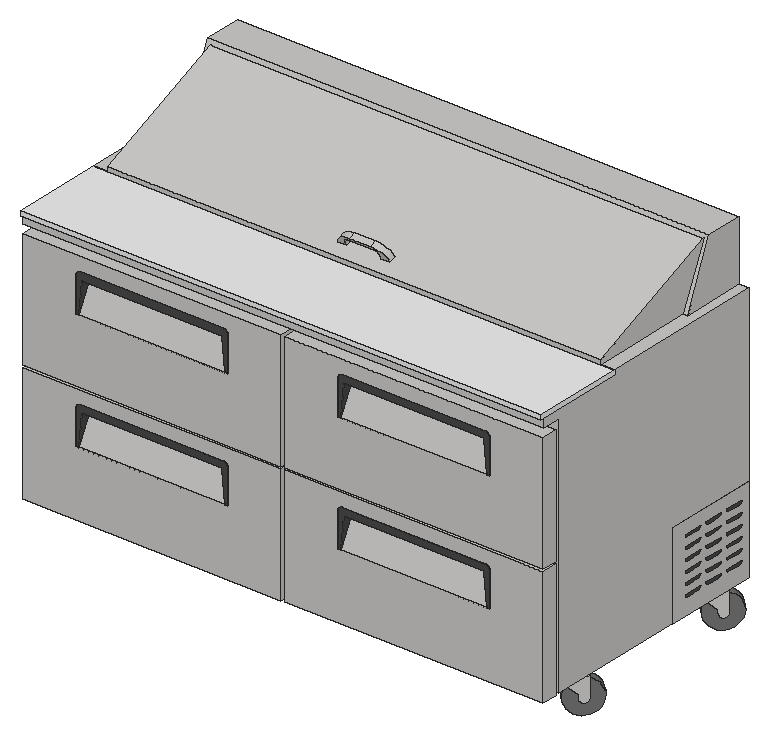
Revit family "QF_Turbo Air_TST-60SD-D44b944c17-fc71-49ea-8045-22964f5c5111", category Specialty Equipment, Revit 2012
Parameters
  Weight in Pounds = 343
  Watermarked By = "http://revitwatermark.com"
  Volts = 115 V
  URL Cutsheet = ""
  URL = "www.turboairinc.com"
  Status [instance] = ""
  Specification by User [instance] = ""
  Specification by Manufacturer [instance] = ""
  Serial Number [instance] = ""
  Revision Code [instance] = ""
  Phase = 1
  Number of Poles [instance] = 1
  NAFEM Spec ID Number [instance] = ""
  Model = "TST-60SD-D4"
  Masterspec [instance] = ""
  Manufacturer = "Turbo Air"  # constant formula
  Legs [instance] = [6 inch Legs]  # no
  Item Number [instance] = "-"
  Installed By [instance] = ""
  HP = "1/2"
  Furnished By [instance] = ""
  Foodservice Equipment Identifier = yes
  FL Amps = 8.9 A
  Electrical Remarks [instance] = ""
  Electric Connection Type [instance] = ""
  Elec Conn RI Height [instance] = 0' - 0"
  Elec Conn Connection Height = 1' - 0"
  Description = "Sandwich/Salad Unit"
  Cycle = 60 Hz
  Conn Plug = "NEMA 5-15P"
  Casters [instance] = not(Legs)  # yes
  CasterLeg Height [instance] = if([4 inch Casters], 0' 5", if([5 inch Casters], 0' 5 3/4", if([2_5 inch Casters], 0' 3 3/8", 0' 6")))  # 0' - 5"
  CSI MasterFormat = "11 41 13"
  Assembly Code = "E1090320"
  Apparent Power = if(Phase = 3, Volts * FL Amps * 1.73, Volts * FL Amps)  # 1023.5 VA
  6 inch Legs [instance] = no
  5 inch Casters [instance] = no
  4 inch Casters [instance] = yes
  2_5 inch Casters [instance] = no
Reference planes (in)
  plane 1 "BACK": y = 0
  plane 2: z = 0
  plane 3 "LEFT": x = -20.78844
  plane 4 "Bottom": z = 5
  plane 5 "Back Stops": y = 1
  plane 6 "RIGHT": x = 39.46156
  plane 7 "Front of Lid": y = -19.375
  plane 8 "FRONT": y = -30
  plane 9 "Back of Door": y = -27.875
  plane 10 "Front of Box": y = -27.375
  plane 11 "Counter Top": z = 35
  plane 12 "TOP": z = 42
  plane 13 "Top of Door": z = 32.5
  plane 14 "Bottom of Cutting Board": z = 34.5
  plane 15 "Handle LR": x = 9.33656
  plane 16 "Lid Clearance": z = 45.5
  plane 17 "Left Lid Cover": x = -19.66344
  plane 18 "Right of Lid Cover": x = 38.33656
  plane 19 "Left of Lid": x = -19.16344
  plane 20 "Right of Lid": x = 37.83656
  plane 21 "Left of Right Door": x = 9.52406
  plane 22 "Right of Left Door": x = 9.14906
  plane 23: y = -42.75
Forms (in)
  Extrusion 1, solid, material "QF_Finishes_Stainless Steel"
    sketch origin (-20.78844, 0, 0) x (0, 1, 0) y (0, 0, 1)
      loop
        line (0, 5) -> (0, 35) -> (-19.375, 35) -> (-19.375, 34.5) -> (-29.625, 34.5) -> (-29.625, 33.5) -> (-27.375, 33.5) -> (-27.375, 5) -> (0, 5)
    from 0 to 60.25
  Extrusion 2, solid, material "QF_Finishes_Black"
    sketch origin (0, -27.375, 0) x (1, 0, 0) y (0, 0, 1)
      loop
        line (-19.78844, 31.5) -> (-19.78844, 6) -> (8.14906, 6) -> (8.14906, 31.5) -> (-19.78844, 31.5)
      loop
        line (38.46156, 6) -> (38.46156, 31.5) -> (10.52406, 31.5) -> (10.52406, 6) -> (38.46156, 6)
    from 0 to 0.5
  Extrusion 3, solid, material "QF_Finishes_Stainless Steel"
    sketch origin (-19.66344, 0, 0) x (0, 1, 0) y (0, 0, 1)
      loop
        line (0, 35) -> (0, 42) -> (-4.25, 42) -> (-7.375, 35) -> (0, 35)
    from 0 to 58
  Extrusion 4, solid, material "QF_Finishes_White"
    sketch origin (0, 0, 34.5) x (0, 1, 0) y (-1, 0, 0)
      loop
        line (-19.375, 20.78844) -> (-30, 20.78844) -> (-30, -39.46156) -> (-19.375, -39.46156) -> (-19.375, 20.78844)
    from 0 to 0.5
  Extrusion 5, solid, material "QF_Finishes_Stainless Steel"
    sketch origin (-19.16344, 0, 0) x (0, 1, 0) y (0, 0, 1)
      loop
        line (-19.375, 35) -> (-7.375, 35) -> (-4.45383, 41.54343) -> (-19.375, 35.5) -> (-19.375, 35)
    from 0 to 57
  Extrusion 6, solid, material "QF_Finishes_Stainless Steel"
    sketch origin (-8.25, -2.56728, -1.00345) x (1, 0, 0) y (0, -0.375401, 0.926862)
      loop
        line (19.58656, 40.14331) -> (20.58656, 40.14331)
        arc (20.58656, 40.14331) -> (19.91185, 41.04872) -> (18.83656, 41.39331) r 1.85
        line (18.83656, 41.39331) -> (16.33656, 41.39331)
        arc (16.33656, 41.39331) -> (15.26127, 41.04872) -> (14.58656, 40.14331) r 1.85
        line (14.58656, 40.14331) -> (15.58656, 40.14331) -> (15.58656, 40.64331)
        arc (15.58656, 40.64331) -> (15.73301, 40.99687) -> (16.08656, 41.14331) r 0.5
        line (16.08656, 41.14331) -> (19.08656, 41.14331)
        arc (19.08656, 41.14331) -> (19.44011, 40.99687) -> (19.58656, 40.64331) r 0.5
        line (19.58656, 40.64331) -> (19.58656, 40.14331)
    from -0.375 to 0.375
  Extrusion 7, solid, material "QF_Finishes_Clearances", detail levels coarse
    sketch origin (-19.16344, 0, 0) x (0, 1, 0) y (0, 0, 1)
      loop
        arc (-9.375, 45.5) -> (-16.44607, 42.57107) -> (-19.375, 35.5) r 10
        line (-19.375, 35.5) -> (-4.45383, 41.54343) -> (-8.87792, 45.446) -> (-9.375, 45.5)
    from 0 to 57
  Extrusion 8, void
    sketch origin (39.46156, 0, 0) x (0, 1, 0) y (0, 0, 1)
      loop
        line (0, 5) -> (0, 15) -> (-11, 15) -> (-11, 5) -> (0, 5)
    from 0 to -1
  Extrusion 9, solid, material "QF_Finishes_Stainless Steel"
    sketch origin (39.46156, 0, 0) x (0, 1, 0) y (0, 0, 1)
      loop
        line (-10.875, 14.875) -> (-10.875, 5) -> (0, 5) -> (0, 14.875) -> (-10.875, 14.875)
      loop
        arc (-9.25, 13.5) -> (-9.10355, 13.14645) -> (-8.75, 13) r 0.5
        line (-8.75, 13) -> (-7.25, 13)
        arc (-7.25, 13) -> (-6.89645, 13.14645) -> (-6.75, 13.5) r 0.5
        line (-6.75, 13.5) -> (-9.25, 13.5)
      loop
        arc (-6.25, 13.5) -> (-6.10355, 13.14645) -> (-5.75, 13) r 0.5
        line (-5.75, 13) -> (-4.25, 13)
        arc (-4.25, 13) -> (-3.89645, 13.14645) -> (-3.75, 13.5) r 0.5
        line (-3.75, 13.5) -> (-6.25, 13.5)
      loop
        arc (-3.25, 13.5) -> (-3.10355, 13.14645) -> (-2.75, 13) r 0.5
        line (-2.75, 13) -> (-1.25, 13)
        arc (-1.25, 13) -> (-0.89645, 13.14645) -> (-0.75, 13.5) r 0.5
        line (-0.75, 13.5) -> (-3.25, 13.5)
      loop
        arc (-9.25, 12.25) -> (-9.10355, 11.89645) -> (-8.75, 11.75) r 0.5
        line (-8.75, 11.75) -> (-7.25, 11.75)
        arc (-7.25, 11.75) -> (-6.89645, 11.89645) -> (-6.75, 12.25) r 0.5
        line (-6.75, 12.25) -> (-9.25, 12.25)
      loop
        arc (-6.25, 12.25) -> (-6.10355, 11.89645) -> (-5.75, 11.75) r 0.5
        line (-5.75, 11.75) -> (-4.25, 11.75)
        arc (-4.25, 11.75) -> (-3.89645, 11.89645) -> (-3.75, 12.25) r 0.5
        line (-3.75, 12.25) -> (-6.25, 12.25)
      loop
        arc (-3.25, 12.25) -> (-3.10355, 11.89645) -> (-2.75, 11.75) r 0.5
        line (-2.75, 11.75) -> (-1.25, 11.75)
        arc (-1.25, 11.75) -> (-0.89645, 11.89645) -> (-0.75, 12.25) r 0.5
        line (-0.75, 12.25) -> (-3.25, 12.25)
      loop
        arc (-9.25, 11) -> (-9.10355, 10.64645) -> (-8.75, 10.5) r 0.5
        line (-8.75, 10.5) -> (-7.25, 10.5)
        arc (-7.25, 10.5) -> (-6.89645, 10.64645) -> (-6.75, 11) r 0.5
        line (-6.75, 11) -> (-9.25, 11)
      loop
        arc (-6.25, 11) -> (-6.10355, 10.64645) -> (-5.75, 10.5) r 0.5
        line (-5.75, 10.5) -> (-4.25, 10.5)
        arc (-4.25, 10.5) -> (-3.89645, 10.64645) -> (-3.75, 11) r 0.5
        line (-3.75, 11) -> (-6.25, 11)
      loop
        arc (-3.25, 11) -> (-3.10355, 10.64645) -> (-2.75, 10.5) r 0.5
        line (-2.75, 10.5) -> (-1.25, 10.5)
        arc (-1.25, 10.5) -> (-0.89645, 10.64645) -> (-0.75, 11) r 0.5
        line (-0.75, 11) -> (-3.25, 11)
      loop
        arc (-9.25, 9.75) -> (-9.10355, 9.39645) -> (-8.75, 9.25) r 0.5
        line (-8.75, 9.25) -> (-7.25, 9.25)
        arc (-7.25, 9.25) -> (-6.89645, 9.39645) -> (-6.75, 9.75) r 0.5
        line (-6.75, 9.75) -> (-9.25, 9.75)
      loop
        arc (-6.25, 9.75) -> (-6.10355, 9.39645) -> (-5.75, 9.25) r 0.5
        line (-5.75, 9.25) -> (-4.25, 9.25)
        arc (-4.25, 9.25) -> (-3.89645, 9.39645) -> (-3.75, 9.75) r 0.5
        line (-3.75, 9.75) -> (-6.25, 9.75)
      loop
        arc (-3.25, 9.75) -> (-3.10355, 9.39645) -> (-2.75, 9.25) r 0.5
        line (-2.75, 9.25) -> (-1.25, 9.25)
        arc (-1.25, 9.25) -> (-0.89645, 9.39645) -> (-0.75, 9.75) r 0.5
        line (-0.75, 9.75) -> (-3.25, 9.75)
      loop
        arc (-9.25, 8.5) -> (-9.10355, 8.14645) -> (-8.75, 8) r 0.5
        line (-8.75, 8) -> (-7.25, 8)
        arc (-7.25, 8) -> (-6.89645, 8.14645) -> (-6.75, 8.5) r 0.5
        line (-6.75, 8.5) -> (-9.25, 8.5)
      loop
        arc (-6.25, 8.5) -> (-6.10355, 8.14645) -> (-5.75, 8) r 0.5
        line (-5.75, 8) -> (-4.25, 8)
        arc (-4.25, 8) -> (-3.89645, 8.14645) -> (-3.75, 8.5) r 0.5
        line (-3.75, 8.5) -> (-6.25, 8.5)
      loop
        arc (-3.25, 8.5) -> (-3.10355, 8.14645) -> (-2.75, 8) r 0.5
        line (-2.75, 8) -> (-1.25, 8)
        arc (-1.25, 8) -> (-0.89645, 8.14645) -> (-0.75, 8.5) r 0.5
        line (-0.75, 8.5) -> (-3.25, 8.5)
      loop
        arc (-9.25, 7.25) -> (-9.10355, 6.89645) -> (-8.75, 6.75) r 0.5
        line (-8.75, 6.75) -> (-7.25, 6.75)
        arc (-7.25, 6.75) -> (-6.89645, 6.89645) -> (-6.75, 7.25) r 0.5
        line (-6.75, 7.25) -> (-9.25, 7.25)
      loop
        arc (-6.25, 7.25) -> (-6.10355, 6.89645) -> (-5.75, 6.75) r 0.5
        line (-5.75, 6.75) -> (-4.25, 6.75)
        arc (-4.25, 6.75) -> (-3.89645, 6.89645) -> (-3.75, 7.25) r 0.5
        line (-3.75, 7.25) -> (-6.25, 7.25)
      loop
        arc (-3.25, 7.25) -> (-3.10355, 6.89645) -> (-2.75, 6.75) r 0.5
        line (-2.75, 6.75) -> (-1.25, 6.75)
        arc (-1.25, 6.75) -> (-0.89645, 6.89645) -> (-0.75, 7.25) r 0.5
        line (-0.75, 7.25) -> (-3.25, 7.25)
    from 0 to -1
  Extrusion 10, solid, material "QF_Finishes_Black"
    sketch origin (39.46156, 0, 0) x (0, 1, 0) y (0, 0, 1)
      loop
        line (-9.875, 13.95221) -> (-9.875, 6.20221) -> (-0.375, 6.20221) -> (-0.375, 13.95221) -> (-9.875, 13.95221)
    from -0.125 to -1
  Extrusion 11, solid, material "QF_Finishes_Black"
    sketch origin (0, 0, 0) x (1, 0, 0) y (0, 0, 1)
      loop
        circle (-14.66344, 30.1875) r 0.5
      loop
        circle (33.33656, 30.1875) r 0.5
    from 0 to -1
  Extrusion 12, solid, material "QF_Finishes_Stainless Steel"
    sketch origin (0, 0, 0) x (1, 0, 0) y (0, 0, 1)
      loop
        circle (35.46156, 11.125) r 0.25
    from 0 to -0.0625
Cuts and joins
  Extrusion 8 cuts Extrusion 1
Lines and regions (in)
  symbolic lines
    curve 1: line (-20.78844, 0, 35) -> (39.46156, 0, 35)
    curve 2: line (-20.78844, -30, 35) -> (-20.78844, 0, 35)
    curve 3: line (39.46156, -30, 35) -> (-20.78844, -30, 35)
    curve 4: line (39.46156, 0, 35) -> (39.46156, -30, 35)
    curve 5: line (-20.78844, -19.375, 35) -> (39.46156, -19.375, 35)
    curve 6: line (33.58656, 1, 35) -> (34.58656, 1, 35)
    curve 7: line (-15.91344, 1, 35) -> (-14.91344, 1, 35)
    curve 8: line (-15.91344, 1, 35) -> (-15.91344, 0, 35)
    curve 9: line (-14.91344, 1, 35) -> (-14.91344, 0, 35)
    curve 10: line (33.58656, 1, 35) -> (33.58656, 0, 35)
    curve 11: line (34.58656, 1, 35) -> (34.58656, 0, 35)
    curve 12: line (7.33656, -17.28956, 35) -> (6.33656, -17.28956, 35)
    curve 13: line (6.33656, -17.28956, 35) -> (6.33656, -17.98471, 35)
    curve 14: line (7.33656, -17.47726, 35) -> (7.33656, -17.28956, 35)
    curve 15: line (10.58656, -18.45396, 35) -> (8.08656, -18.45396, 35)
    curve 16: line (10.83656, -17.66496, 35) -> (7.83656, -17.66496, 35)
    curve 17: line (11.33656, -17.28956, 35) -> (11.33656, -17.47726, 35)
    curve 18: line (12.33656, -17.28956, 35) -> (11.33656, -17.28956, 35)
    curve 19: line (12.33656, -17.98471, 35) -> (12.33656, -17.28956, 35)
    curve 20: spline (12.33656, -17.98471, 35) -> (12.2653, -18.0513, 35) -> (12.17612, -18.11477, 35) -> (12.06997, -18.17445, 35) -> (11.94798, -18.2297, 35) -> (11.81145, -18.27993, 35) -> (11.66185, -18.3246, 35) -> (11.50077, -18.36324, 35) -> (11.32992, -18.39543, 35) -> (11.15114, -18.42083, 35) -> (10.96633, -18.43917, 35) -> (10.77746, -18.45025, 35) -> (10.58656, -18.45396, 35)
    curve 21: spline (7.83656, -17.66496, 35) -> (7.7713, -17.66336, 35) -> (7.70715, -17.65857, 35) -> (7.64522, -17.65067, 35) -> (7.58656, -17.63981, 35) -> (7.53218, -17.62617, 35) -> (7.48301, -17.60998, 35) -> (7.43988, -17.59153, 35) -> (7.40355, -17.57111, 35) -> (7.37462, -17.54909, 35) -> (7.3536, -17.52584, 35) -> (7.34084, -17.50176, 35) -> (7.33656, -17.47726, 35)
    curve 22: spline (11.33656, -17.47726, 35) -> (11.33228, -17.50176, 35) -> (11.31952, -17.52584, 35) -> (11.2985, -17.54909, 35) -> (11.26957, -17.57111, 35) -> (11.23324, -17.59153, 35) -> (11.19011, -17.60998, 35) -> (11.14094, -17.62617, 35) -> (11.08656, -17.63981, 35) -> (11.0279, -17.65067, 35) -> (10.96597, -17.65857, 35) -> (10.90182, -17.66336, 35) -> (10.83656, -17.66496, 35)
    curve 23: spline (8.08656, -18.45396, 35) -> (7.89566, -18.45025, 35) -> (7.70679, -18.43917, 35) -> (7.52198, -18.42083, 35) -> (7.3432, -18.39543, 35) -> (7.17235, -18.36324, 35) -> (7.01127, -18.3246, 35) -> (6.86167, -18.27993, 35) -> (6.72514, -18.2297, 35) -> (6.60315, -18.17445, 35) -> (6.497, -18.11477, 35) -> (6.40782, -18.0513, 35) -> (6.33656, -17.98471, 35)
    curve 40: line (-19.66344, 0, 35) -> (-19.66344, -7.375, 35)
    curve 41: line (38.33656, -7.375, 35) -> (38.33656, 0, 35)
    curve 42: line (-19.66344, -4.25, 35) -> (38.33656, -4.25, 35)
    curve 43: line (-19.16344, -4.25, 35) -> (-19.16344, -19.375, 35)
    curve 44: line (37.83656, -19.375, 35) -> (37.83656, -4.25, 35)
    curve 45: line (37.83656, -7.375, 35) -> (38.33656, -7.375, 35)
    curve 46: line (-19.16344, -7.375, 35) -> (-19.66344, -7.375, 35)
  symbolic lines, style "QF_Surface Details"
    curve 24: line (8.96156, -10.41441, 35) -> (8.96156, -6.42258, 35)
    curve 25: line (2.96156, -10.41441, 35) -> (2.96156, -6.42258, 35)
    curve 26: line (3.96156, -5.42258, 35) -> (7.96156, -5.42258, 35)
    curve 27: line (3.96156, -11.41441, 35) -> (7.96156, -11.41441, 35)
    curve 28: arc (7.96156, -5.42258, 35) -> (8.66867, -5.71547, 35) -> (8.96156, -6.42258, 35) r 1
    curve 29: arc (3.96156, -5.42258, 35) -> (3.25445, -5.71547, 35) -> (2.96156, -6.42258, 35) r 1
    curve 30: arc (2.96156, -10.41441, 35) -> (3.25445, -11.12152, 35) -> (3.96156, -11.41441, 35) r 1
    curve 31: arc (7.96156, -11.41441, 35) -> (8.66867, -11.12152, 35) -> (8.96156, -10.41441, 35) r 1
    curve 32: line (8.96156, -13.41441, 35) -> (8.96156, -17.40625, 35)
    curve 33: line (2.96156, -13.41441, 35) -> (2.96156, -17.40625, 35)
    curve 34: line (3.96156, -18.40625, 35) -> (7.96156, -18.40625, 35)
    curve 35: line (3.96156, -12.41441, 35) -> (7.96156, -12.41441, 35)
    curve 36: arc (7.96156, -18.40625, 35) -> (8.66867, -18.11336, 35) -> (8.96156, -17.40625, 35) r 1
    curve 37: arc (3.96156, -18.40625, 35) -> (3.25445, -18.11336, 35) -> (2.96156, -17.40625, 35) r 1
    curve 38: arc (2.96156, -13.41441, 35) -> (3.25445, -12.70731, 35) -> (3.96156, -12.41441, 35) r 1
    curve 39: arc (7.96156, -12.41441, 35) -> (8.66867, -12.70731, 35) -> (8.96156, -13.41441, 35) r 1
    curve 47: line (2.21156, -10.41441, 35) -> (2.21156, -6.42258, 35)
    curve 48: line (-3.78844, -10.41441, 35) -> (-3.78844, -6.42258, 35)
    curve 49: line (-2.78844, -5.42258, 35) -> (1.21156, -5.42258, 35)
    curve 50: line (-2.78844, -11.41441, 35) -> (1.21156, -11.41441, 35)
    curve 51: arc (1.21156, -5.42258, 35) -> (1.91867, -5.71547, 35) -> (2.21156, -6.42258, 35) r 1
    curve 52: arc (-2.78844, -5.42258, 35) -> (-3.49555, -5.71547, 35) -> (-3.78844, -6.42258, 35) r 1
    curve 53: arc (-3.78844, -10.41441, 35) -> (-3.49555, -11.12152, 35) -> (-2.78844, -11.41441, 35) r 1
    curve 54: arc (1.21156, -11.41441, 35) -> (1.91867, -11.12152, 35) -> (2.21156, -10.41441, 35) r 1
    curve 55: line (2.21156, -13.41441, 35) -> (2.21156, -17.40625, 35)
    curve 56: line (-3.78844, -13.41441, 35) -> (-3.78844, -17.40625, 35)
    curve 57: line (-2.78844, -18.40625, 35) -> (1.21156, -18.40625, 35)
    curve 58: line (-2.78844, -12.41441, 35) -> (1.21156, -12.41441, 35)
    curve 59: arc (1.21156, -18.40625, 35) -> (1.91867, -18.11336, 35) -> (2.21156, -17.40625, 35) r 1
    curve 60: arc (-2.78844, -18.40625, 35) -> (-3.49555, -18.11336, 35) -> (-3.78844, -17.40625, 35) r 1
    curve 61: arc (-3.78844, -13.41441, 35) -> (-3.49555, -12.70731, 35) -> (-2.78844, -12.41441, 35) r 1
    curve 62: arc (1.21156, -12.41441, 35) -> (1.91867, -12.70731, 35) -> (2.21156, -13.41441, 35) r 1
    curve 63: line (-4.53844, -10.41441, 35) -> (-4.53844, -6.42258, 35)
    curve 64: line (-10.53844, -10.41441, 35) -> (-10.53844, -6.42258, 35)
    curve 65: line (-9.53844, -5.42258, 35) -> (-5.53844, -5.42258, 35)
    curve 66: line (-9.53844, -11.41441, 35) -> (-5.53844, -11.41441, 35)
    curve 67: arc (-5.53844, -5.42258, 35) -> (-4.83133, -5.71547, 35) -> (-4.53844, -6.42258, 35) r 1
    curve 68: arc (-9.53844, -5.42258, 35) -> (-10.24555, -5.71547, 35) -> (-10.53844, -6.42258, 35) r 1
    curve 69: arc (-10.53844, -10.41441, 35) -> (-10.24555, -11.12152, 35) -> (-9.53844, -11.41441, 35) r 1
    curve 70: arc (-5.53844, -11.41441, 35) -> (-4.83133, -11.12152, 35) -> (-4.53844, -10.41441, 35) r 1
    curve 71: line (-4.53844, -13.41441, 35) -> (-4.53844, -17.40625, 35)
    curve 72: line (-10.53844, -13.41441, 35) -> (-10.53844, -17.40625, 35)
    curve 73: line (-9.53844, -18.40625, 35) -> (-5.53844, -18.40625, 35)
    curve 74: line (-9.53844, -12.41441, 35) -> (-5.53844, -12.41441, 35)
    curve 75: arc (-5.53844, -18.40625, 35) -> (-4.83133, -18.11336, 35) -> (-4.53844, -17.40625, 35) r 1
    curve 76: arc (-9.53844, -18.40625, 35) -> (-10.24555, -18.11336, 35) -> (-10.53844, -17.40625, 35) r 1
    curve 77: arc (-10.53844, -13.41441, 35) -> (-10.24555, -12.70731, 35) -> (-9.53844, -12.41441, 35) r 1
    curve 78: arc (-5.53844, -12.41441, 35) -> (-4.83133, -12.70731, 35) -> (-4.53844, -13.41441, 35) r 1
    curve 79: line (-11.28844, -10.41441, 35) -> (-11.28844, -6.42258, 35)
    curve 80: line (-17.28844, -10.41441, 35) -> (-17.28844, -6.42258, 35)
    curve 81: line (-16.28844, -5.42258, 35) -> (-12.28844, -5.42258, 35)
    curve 82: line (-16.28844, -11.41441, 35) -> (-12.28844, -11.41441, 35)
    curve 83: arc (-12.28844, -5.42258, 35) -> (-11.58133, -5.71547, 35) -> (-11.28844, -6.42258, 35) r 1
    curve 84: arc (-16.28844, -5.42258, 35) -> (-16.99555, -5.71547, 35) -> (-17.28844, -6.42258, 35) r 1
    curve 85: arc (-17.28844, -10.41441, 35) -> (-16.99555, -11.12152, 35) -> (-16.28844, -11.41441, 35) r 1
    curve 86: arc (-12.28844, -11.41441, 35) -> (-11.58133, -11.12152, 35) -> (-11.28844, -10.41441, 35) r 1
    curve 87: line (-11.28844, -13.41441, 35) -> (-11.28844, -17.40625, 35)
    curve 88: line (-17.28844, -13.41441, 35) -> (-17.28844, -17.40625, 35)
    curve 89: line (-16.28844, -18.40625, 35) -> (-12.28844, -18.40625, 35)
    curve 90: line (-16.28844, -12.41441, 35) -> (-12.28844, -12.41441, 35)
    curve 91: arc (-12.28844, -18.40625, 35) -> (-11.58133, -18.11336, 35) -> (-11.28844, -17.40625, 35) r 1
    curve 92: arc (-16.28844, -18.40625, 35) -> (-16.99555, -18.11336, 35) -> (-17.28844, -17.40625, 35) r 1
    curve 93: arc (-17.28844, -13.41441, 35) -> (-16.99555, -12.70731, 35) -> (-16.28844, -12.41441, 35) r 1
    curve 94: arc (-12.28844, -12.41441, 35) -> (-11.58133, -12.70731, 35) -> (-11.28844, -13.41441, 35) r 1
    curve 95: line (16.46156, -10.41441, 35) -> (16.46156, -6.42258, 35)
    curve 96: line (22.46156, -10.41441, 35) -> (22.46156, -6.42258, 35)
    curve 97: line (21.46156, -5.42258, 35) -> (17.46156, -5.42258, 35)
    curve 98: line (21.46156, -11.41441, 35) -> (17.46156, -11.41441, 35)
    curve 99: arc (17.46156, -5.42258, 35) -> (16.75445, -5.71547, 35) -> (16.46156, -6.42258, 35) r 1
    curve 100: arc (21.46156, -5.42258, 35) -> (22.16867, -5.71547, 35) -> (22.46156, -6.42258, 35) r 1
    curve 101: arc (22.46156, -10.41441, 35) -> (22.16867, -11.12152, 35) -> (21.46156, -11.41441, 35) r 1
    curve 102: arc (17.46156, -11.41441, 35) -> (16.75445, -11.12152, 35) -> (16.46156, -10.41441, 35) r 1
    curve 103: line (16.46156, -13.41441, 35) -> (16.46156, -17.40625, 35)
    curve 104: line (22.46156, -13.41441, 35) -> (22.46156, -17.40625, 35)
    curve 105: line (21.46156, -18.40625, 35) -> (17.46156, -18.40625, 35)
    curve 106: line (21.46156, -12.41441, 35) -> (17.46156, -12.41441, 35)
    curve 107: arc (17.46156, -18.40625, 35) -> (16.75445, -18.11336, 35) -> (16.46156, -17.40625, 35) r 1
    curve 108: arc (21.46156, -18.40625, 35) -> (22.16867, -18.11336, 35) -> (22.46156, -17.40625, 35) r 1
    curve 109: arc (22.46156, -13.41441, 35) -> (22.16867, -12.70731, 35) -> (21.46156, -12.41441, 35) r 1
    curve 110: arc (17.46156, -12.41441, 35) -> (16.75445, -12.70731, 35) -> (16.46156, -13.41441, 35) r 1
    curve 111: line (23.21156, -10.41441, 35) -> (23.21156, -6.42258, 35)
    curve 112: line (29.21156, -10.41441, 35) -> (29.21156, -6.42258, 35)
    curve 113: line (28.21156, -5.42258, 35) -> (24.21156, -5.42258, 35)
    curve 114: line (28.21156, -11.41441, 35) -> (24.21156, -11.41441, 35)
    curve 115: arc (24.21156, -5.42258, 35) -> (23.50445, -5.71547, 35) -> (23.21156, -6.42258, 35) r 1
    curve 116: arc (28.21156, -5.42258, 35) -> (28.91867, -5.71547, 35) -> (29.21156, -6.42258, 35) r 1
    curve 117: arc (29.21156, -10.41441, 35) -> (28.91867, -11.12152, 35) -> (28.21156, -11.41441, 35) r 1
    curve 118: arc (24.21156, -11.41441, 35) -> (23.50445, -11.12152, 35) -> (23.21156, -10.41441, 35) r 1
    curve 119: line (23.21156, -13.41441, 35) -> (23.21156, -17.40625, 35)
    curve 120: line (29.21156, -13.41441, 35) -> (29.21156, -17.40625, 35)
    curve 121: line (28.21156, -18.40625, 35) -> (24.21156, -18.40625, 35)
    curve 122: line (28.21156, -12.41441, 35) -> (24.21156, -12.41441, 35)
    curve 123: arc (24.21156, -18.40625, 35) -> (23.50445, -18.11336, 35) -> (23.21156, -17.40625, 35) r 1
    curve 124: arc (28.21156, -18.40625, 35) -> (28.91867, -18.11336, 35) -> (29.21156, -17.40625, 35) r 1
    curve 125: arc (29.21156, -13.41441, 35) -> (28.91867, -12.70731, 35) -> (28.21156, -12.41441, 35) r 1
    curve 126: arc (24.21156, -12.41441, 35) -> (23.50445, -12.70731, 35) -> (23.21156, -13.41441, 35) r 1
    curve 127: line (29.96156, -10.41441, 35) -> (29.96156, -6.42258, 35)
    curve 128: line (35.96156, -10.41441, 35) -> (35.96156, -6.42258, 35)
    curve 129: line (34.96156, -5.42258, 35) -> (30.96156, -5.42258, 35)
    curve 130: line (34.96156, -11.41441, 35) -> (30.96156, -11.41441, 35)
    curve 131: arc (30.96156, -5.42258, 35) -> (30.25445, -5.71547, 35) -> (29.96156, -6.42258, 35) r 1
    curve 132: arc (34.96156, -5.42258, 35) -> (35.66867, -5.71547, 35) -> (35.96156, -6.42258, 35) r 1
    curve 133: arc (35.96156, -10.41441, 35) -> (35.66867, -11.12152, 35) -> (34.96156, -11.41441, 35) r 1
    curve 134: arc (30.96156, -11.41441, 35) -> (30.25445, -11.12152, 35) -> (29.96156, -10.41441, 35) r 1
    curve 135: line (29.96156, -13.41441, 35) -> (29.96156, -17.40625, 35)
    curve 136: line (35.96156, -13.41441, 35) -> (35.96156, -17.40625, 35)
    curve 137: line (34.96156, -18.40625, 35) -> (30.96156, -18.40625, 35)
    curve 138: line (34.96156, -12.41441, 35) -> (30.96156, -12.41441, 35)
    curve 139: arc (30.96156, -18.40625, 35) -> (30.25445, -18.11336, 35) -> (29.96156, -17.40625, 35) r 1
    curve 140: arc (34.96156, -18.40625, 35) -> (35.66867, -18.11336, 35) -> (35.96156, -17.40625, 35) r 1
    curve 141: arc (35.96156, -13.41441, 35) -> (35.66867, -12.70731, 35) -> (34.96156, -12.41441, 35) r 1
    curve 142: arc (30.96156, -12.41441, 35) -> (30.25445, -12.70731, 35) -> (29.96156, -13.41441, 35) r 1
    curve 143: line (9.71156, -10.41441, 35) -> (9.71156, -6.42258, 35)
    curve 144: line (15.71156, -10.41441, 35) -> (15.71156, -6.42258, 35)
    curve 145: line (14.71156, -5.42258, 35) -> (10.71156, -5.42258, 35)
    curve 146: line (14.71156, -11.41441, 35) -> (10.71156, -11.41441, 35)
    curve 147: arc (10.71156, -5.42258, 35) -> (10.00445, -5.71547, 35) -> (9.71156, -6.42258, 35) r 1
    curve 148: arc (14.71156, -5.42258, 35) -> (15.41867, -5.71547, 35) -> (15.71156, -6.42258, 35) r 1
    curve 149: arc (15.71156, -10.41441, 35) -> (15.41867, -11.12152, 35) -> (14.71156, -11.41441, 35) r 1
    curve 150: arc (10.71156, -11.41441, 35) -> (10.00445, -11.12152, 35) -> (9.71156, -10.41441, 35) r 1
    curve 151: line (9.71156, -13.41441, 35) -> (9.71156, -17.40625, 35)
    curve 152: line (15.71156, -13.41441, 35) -> (15.71156, -17.40625, 35)
    curve 153: line (14.71156, -18.40625, 35) -> (10.71156, -18.40625, 35)
    curve 154: line (14.71156, -12.41441, 35) -> (10.71156, -12.41441, 35)
    curve 155: arc (10.71156, -18.40625, 35) -> (10.00445, -18.11336, 35) -> (9.71156, -17.40625, 35) r 1
    curve 156: arc (14.71156, -18.40625, 35) -> (15.41867, -18.11336, 35) -> (15.71156, -17.40625, 35) r 1
    curve 157: arc (15.71156, -13.41441, 35) -> (15.41867, -12.70731, 35) -> (14.71156, -12.41441, 35) r 1
    curve 158: arc (10.71156, -12.41441, 35) -> (10.00445, -12.70731, 35) -> (9.71156, -13.41441, 35) r 1
  symbolic lines, style "QF_Clearances"
    curve 159: line (9.52406, -30, 35) -> (9.52406, -42.75, 35)
    curve 160: line (9.52406, -42.75, 35) -> (39.46156, -42.75, 35)
    curve 161: line (39.46156, -42.75, 35) -> (39.46156, -30, 35)
    curve 162: line (-20.78844, -30, 35) -> (-20.78844, -42.75, 35)
    curve 163: line (-20.78844, -42.75, 35) -> (9.14906, -42.75, 35)
    curve 164: line (9.14906, -42.75, 35) -> (9.14906, -30, 35)
Dimensions and locks (in)
  "CasterLeg Height": plane 4 "Bottom" to plane 2
  locked: plane 1 "BACK" to plane 5 "Back Stops" at 1
  locked: plane 6 "RIGHT" to plane 3 "LEFT" at 60.25
  locked: plane 7 "Front of Lid" to plane 1 "BACK" at 19.375
  locked: plane 8 "FRONT" to plane 1 "BACK" at 30
  locked: plane 9 "Back of Door" to plane 1 "BACK" at 27.875
  locked: plane 9 "Back of Door" to plane 10 "Front of Box" at 0.5
  locked: plane 12 "TOP" to plane 11 "Counter Top" at 7
  locked: plane 11 "Counter Top" to plane 4 "Bottom" at 30
  locked: plane 11 "Counter Top" to plane 14 "Bottom of Cutting Board" at 0.5
  locked: plane 13 "Top of Door" to plane 4 "Bottom" at 27.5
  locked: plane 13 "Top of Door" to Extrusion 2 sketch curve at 1  (x2)
  locked: Extrusion 2 sketch curve to plane 3 "LEFT" at 1
  locked: Extrusion 2 sketch curve to plane 4 "Bottom" at 1  (x2)
  locked: Extrusion 2 sketch curve to plane 6 "RIGHT" at 1
  locked: plane 1 "BACK" to Extrusion 3 sketch curve at 4.25
  locked: plane 1 "BACK" to Extrusion 3 sketch curve at 7.375
  locked: plane 16 "Lid Clearance" to plane 11 "Counter Top" at 10.5
  locked: Extrusion 5 sketch curve to plane 11 "Counter Top" at 0.5
  locked: plane 12 "TOP" to Extrusion 5 sketch curve at 0.45657
  locked: plane 1 "BACK" to Extrusion 5 sketch curve at 4.45383
  locked: plane 1 "BACK" to Extrusion 5 sketch curve at 7.375
  locked: Extrusion 6 to plane 11 "Counter Top" at 2.22168
  locked: Extrusion 6 to plane 11 "Counter Top" at 2.50323
  locked: plane 12 "TOP" to Extrusion 7 sketch curve at 0.45657
  locked: plane 16 "Lid Clearance" to Extrusion 7 sketch curve at 0.054
  locked: Extrusion 8 sketch curve to plane 1 "BACK" at 11
  locked: Extrusion 8 sketch curve to plane 4 "Bottom" at 10
  locked: plane 4 "Bottom" to Extrusion 9 sketch curve at 9.875
  locked: Extrusion 9 sketch curve to plane 1 "BACK" at 10.875
  locked: Extrusion 10 sketch curve to Extrusion 10 sketch curve at 7.75
  locked: Extrusion 10 sketch curve to plane 4 "Bottom" at 1.20221
  locked: Extrusion 10 sketch curve to Extrusion 10 sketch curve at 9.5
  locked: Extrusion 10 sketch curve to plane 1 "BACK" at 0.375
  locked: nested 1 to plane 1 "BACK" at 2.5625
  locked: plane 3 "LEFT" to nested 1 at 2.5
  locked: plane 3 "LEFT" to nested 2 at 2.5
  locked: plane 10 "Front of Box" to nested 2 at 4.625
  locked: nested 3 to plane 6 "RIGHT" at 2.5
  locked: nested 4 to plane 6 "RIGHT" at 2.5
  locked: plane 10 "Front of Box" to nested 4 at 4.625
  locked: nested 3 to plane 1 "BACK" at 2.5625
  locked: plane 11 "Counter Top" to Extrusion 11 sketch curve at 4.8125  (x2)
  locked: plane 6 "RIGHT" to Extrusion 11 sketch curve at 6.125
  locked: Extrusion 11 sketch curve to plane 3 "LEFT" at 6.125
  locked: Extrusion 12 sketch curve to plane 4 "Bottom" at 6.125
  locked: plane 6 "RIGHT" to Extrusion 12 sketch curve at 4
  locked: Extrusion 1 sketch curve to plane 14 "Bottom of Cutting Board" at 1
  locked: Extrusion 1 sketch curve to plane 8 "FRONT" at 0.375
  equal spacing: plane 3 "LEFT", plane 15 "Handle LR", plane 6 "RIGHT"
  locked: plane 17 "Left Lid Cover" to plane 19 "Left of Lid" at 0.5
  locked: plane 20 "Right of Lid" to plane 18 "Right of Lid Cover" at 0.5
  plane 22 "Right of Left Door" to plane 15 "Handle LR" to plane 21 "Left of Right Door" = 0' - 0 3/16" locked, 0' - 0 3/16" locked
  locked: Extrusion 2 sketch curve to plane 22 "Right of Left Door" at 1
  locked: Extrusion 2 sketch curve to plane 21 "Left of Right Door" at 1
  locked: plane 3 "LEFT" to plane 17 "Left Lid Cover" at 1.125
  locked: plane 18 "Right of Lid Cover" to plane 6 "RIGHT" at 1.125
  locked: plane 23 to plane 1 "BACK" at 42.75
  aligned and locked: level to plane 2
  aligned and locked: Extrusion 1 sketch curve to plane 1 "BACK"
  aligned and locked: Extrusion 1 sketch curve to plane 4 "Bottom"
  aligned and locked: plane 10 "Front of Box" to Extrusion 1 sketch curve
  aligned and locked: plane 6 "RIGHT" to Extrusion 1
  aligned and locked: plane 9 "Back of Door" to Extrusion 2
  aligned and locked: Extrusion 1 sketch curve to plane 11 "Counter Top"
  aligned and locked: Extrusion 3 sketch curve to plane 12 "TOP"
  aligned and locked: plane 1 "BACK" to Extrusion 3 sketch curve
  aligned and locked: Extrusion 3 sketch curve to plane 11 "Counter Top"
  aligned and locked: plane 7 "Front of Lid" to Extrusion 4 sketch curve
  aligned and locked: plane 3 "LEFT" to Extrusion 4 sketch curve
  aligned and locked: Extrusion 4 sketch curve to plane 8 "FRONT"
  aligned and locked: Extrusion 4 sketch curve to plane 6 "RIGHT"
  aligned and locked: plane 11 "Counter Top" to Extrusion 4
  aligned and locked: plane 11 "Counter Top" to Extrusion 5 sketch curve
  aligned and locked: plane 7 "Front of Lid" to Extrusion 5 sketch curve
  aligned and locked: Extrusion 6 to Extrusion 5
  aligned and locked: plane 7 "Front of Lid" to Extrusion 7 sketch curve
  aligned and locked: plane 16 "Lid Clearance" to Extrusion 7 sketch curve
  aligned and locked: Extrusion 8 sketch curve to plane 1 "BACK"
  aligned and locked: Extrusion 8 sketch curve to plane 4 "Bottom"
  aligned and locked: Extrusion 11 to plane 5 "Back Stops"
  aligned and locked: plane 1 "BACK" to curve 1
  aligned and locked: curve 4 to plane 6 "RIGHT"
  aligned and locked: plane 3 "LEFT" to curve 2
  aligned and locked: curve 3 to plane 8 "FRONT"
  aligned and locked: curve 6 to Extrusion 11
  aligned and locked: curve 7 to Extrusion 11
  aligned and locked: curve 12 to Extrusion 6
  aligned and locked: curve 13 to Extrusion 6
  aligned and locked: Extrusion 6 to curve 14
  aligned and locked: curve 15 to Extrusion 6
  aligned and locked: curve 16 to Extrusion 6
  aligned and locked: curve 17 to Extrusion 6
  aligned and locked: curve 18 to Extrusion 6
  aligned and locked: curve 19 to Extrusion 6
  aligned and locked: Extrusion 1 sketch curve to plane 7 "Front of Lid"
  aligned and locked: plane 14 "Bottom of Cutting Board" to Extrusion 1 sketch curve
  aligned and locked: plane 18 "Right of Lid Cover" to Extrusion 3
  aligned and locked: plane 20 "Right of Lid" to Extrusion 7
  aligned and locked: plane 20 "Right of Lid" to Extrusion 5
  aligned and locked: curve 40 to Extrusion 3
  aligned and locked: Extrusion 3 to curve 41
  aligned and locked: curve 42 to Extrusion 3
  aligned and locked: curve 43 to Extrusion 7
  aligned and locked: curve 44 to Extrusion 7
  aligned and locked: cut or joined group of Extrusion 1, Extrusion 8 to plane 4 "Bottom"
  aligned and locked: plane 21 "Left of Right Door" to nested 5
  aligned and locked: plane 6 "RIGHT" to nested 5
  aligned and locked: nested 5 to plane 4 "Bottom"
  aligned and locked: nested 6 to plane 4 "Bottom"
Automatic sketch dimensions
  plane 1 "BACK" to Extrusion 7 sketch curve = 0' - 9 3/8"
  Extrusion 7 sketch curve to Extrusion 7 sketch curve = 0' - 0.49708"
  plane 1 "BACK" to Extrusion 7 sketch curve = 0' - 4.45383"
  Extrusion 6 sketch curve to plane 22 "Right of Left Door" = 0' - 2 13/16"
  Extrusion 6 sketch curve to Extrusion 6 sketch curve = 0' - 1"  (x2)
  Extrusion 6 sketch curve to Extrusion 6 sketch curve = 0' - 0 1/2"  (x3)
  Extrusion 6 sketch curve to Extrusion 6 sketch curve = 0' - 0 3/4"
  plane 21 "Left of Right Door" to Extrusion 6 sketch curve = 0' - 1 1/16"
  Extrusion 6 sketch curve to Extrusion 6 sketch curve = 0' - 0 1/4"
  Extrusion 6 sketch curve to Extrusion 6 sketch curve = 0' - 0"
  Extrusion 6 sketch curve to Extrusion 6 sketch curve = 0' - 0.6"
  Extrusion 9 sketch curve to plane 1 "BACK" = 0' - 0"
  Extrusion 9 sketch curve to plane 4 "Bottom" = 0' - 0"
  Extrusion 9 sketch curve to Extrusion 9 sketch curve = 0' - 1 5/8"  (x2)
  Extrusion 9 sketch curve to Extrusion 9 sketch curve = 0' - 0"  (x14)
  Extrusion 9 sketch curve to Extrusion 9 sketch curve = 0' - 0 1/2"  (x31)
  Extrusion 9 sketch curve to Extrusion 9 sketch curve = 0' - 1 1/2"  (x5)
  plane 1 "BACK" to Extrusion 9 sketch curve = 0' - 1 1/4"  (x3)
  plane 4 "Bottom" to Extrusion 9 sketch curve = 0' - 1 3/4"  (x2)
  Extrusion 9 sketch curve to Extrusion 9 sketch curve = 0' - 0 3/4"  (x15)
  plane 23 to curve 162 = 0' - 0"
  plane 23 to curve 160 = 0' - 0"
  plane 7 "Front of Lid" to curve 5 = 0' - 0"
  curve 159 to plane 21 "Left of Right Door" = 0' - 0"
  curve 164 to plane 22 "Right of Left Door" = 0' - 0"
  curve 137 to plane 7 "Front of Lid" = 0' - 0 31/32"
  curve 73 to plane 7 "Front of Lid" = 0' - 0 31/32"
  curve 60 to plane 7 "Front of Lid" = 0' - 0 31/32"
  curve 153 to plane 7 "Front of Lid" = 0' - 0 31/32"
  curve 89 to plane 7 "Front of Lid" = 0' - 0 31/32"
  curve 124 to plane 7 "Front of Lid" = 0' - 0 31/32"
  curve 37 to plane 7 "Front of Lid" = 0' - 0 31/32"
  curve 105 to plane 7 "Front of Lid" = 0' - 0 31/32"
  curve 13 to curve 12 = 0' - 0.69515"
  curve 19 to curve 18 = 0' - 0.69515"
  curve 23 to curve 16 = 0' - 0.0945"
  curve 19 to curve 20 = 0' - 0.22524"
  curve 14 to curve 12 = 0' - 0.1877"
  curve 22 to curve 17 = 0' - 0.1877"
  curve 89 to curve 92 = 0' - 1"
  curve 32 to plane 22 "Right of Left Door" = 0' - 0 3/16"
  curve 21 to curve 32 = 0' - 0.07101"
  curve 105 to curve 103 = 0' - 1"
  curve 37 to curve 33 = 0' - 1"
  curve 105 to curve 104 = 0' - 1"
  plane 21 "Left of Right Door" to curve 155 = 0' - 0 3/16"
  curve 23 to curve 155 = 0' - 0.35322"
  curve 153 to curve 156 = 0' - 1"
  curve 89 to curve 91 = 0' - 1"
  curve 121 to curve 123 = 0' - 1"
  curve 124 to curve 124 = 0' - 1"
  curve 87 to curve 76 = 0' - 0"
  curve 120 to curve 135 = 0' - 0"
  curve 73 to curve 75 = 0' - 1"
  curve 140 to curve 136 = 0' - 1"
  curve 71 to curve 60 = 0' - 0"
  curve 59 to curve 37 = 0' - 0"
  curve 56 to curve 56 = 0' - 3.99184"
  curve 151 to curve 151 = 0' - 3.99184"
  curve 91 to curve 94 = 0' - 3.99184"
  plane 19 "Left of Lid" to curve 93 = 0' - 1 7/8"
  curve 92 to curve 93 = 0' - 3.99184"
  curve 32 to curve 151 = 0' - 0"
  curve 152 to curve 152 = 0' - 3.99184"
  curve 37 to curve 33 = 0' - 3.99184"
  curve 120 to curve 120 = 0' - 3.99184"
  curve 62 to curve 33 = 0' - 0"
  curve 140 to curve 141 = 0' - 3.99184"
  curve 104 to curve 104 = 0' - 3.99184"
  curve 125 to curve 142 = 0' - 0"
  curve 157 to curve 103 = 0' - 0"
  curve 104 to curve 126 = 0' - 0"
  curve 78 to curve 56 = 0' - 0"
  curve 87 to curve 72 = 0' - 0"
  curve 157 to curve 154 = 0' - 1"
  curve 126 to curve 126 = 0' - 1"
  curve 78 to curve 74 = 0' - 1"
  curve 110 to curve 110 = 0' - 1"
  curve 94 to curve 94 = 0' - 1"
  curve 61 to curve 58 = 0' - 1"
  curve 141 to curve 138 = 0' - 1"
  curve 38 to curve 35 = 0' - 1"
  curve 35 to curve 31 = 0' - 1"
  curve 90 to curve 86 = 0' - 1"
  curve 141 to curve 130 = 0' - 1"
  curve 74 to curve 66 = 0' - 1"
  curve 58 to curve 50 = 0' - 1"
  curve 122 to curve 114 = 0' - 1"
  curve 154 to curve 149 = 0' - 1"
  curve 106 to curve 102 = 0' - 1"
  curve 101 to curve 101 = 0' - 1"
  curve 130 to curve 127 = 0' - 1"
  curve 102 to curve 102 = 0' - 1"
  curve 133 to curve 128 = 0' - 1"
  curve 31 to plane 22 "Right of Left Door" = 0' - 0 3/16"
  curve 27 to curve 31 = 0' - 1"
  curve 86 to curve 86 = 0' - 1"
  curve 85 to curve 85 = 0' - 1"
  curve 27 to curve 30 = 0' - 1"
  curve 146 to curve 149 = 0' - 1"
  curve 47 to curve 25 = 0' - 0"  (x2)
  curve 66 to curve 70 = 0' - 1"
  curve 96 to curve 111 = 0' - 0"
  curve 112 to curve 134 = 0' - 0"
  curve 79 to curve 69 = 0' - 0"
  curve 146 to curve 150 = 0' - 1"
  curve 63 to curve 48 = 0' - 0"  (x2)
  curve 46 to curve 42 = 0' - 3 1/8"
  curve 45 to curve 42 = 0' - 3 1/8"
  curve 24 to curve 24 = 0' - 3.99184"
  curve 149 to curve 144 = 0' - 3.99184"
  curve 112 to curve 112 = 0' - 3.99184"
  curve 118 to curve 111 = 0' - 3.99184"
  curve 30 to curve 29 = 0' - 3.99184"
  curve 100 to curve 111 = 0' - 0"
  curve 148 to curve 99 = 0' - 0"
  plane 21 "Left of Right Door" to curve 147 = 0' - 0 3/16"
  curve 24 to curve 147 = 0' - 0"
  curve 112 to curve 127 = 0' - 0"
  curve 45 to curve 128 = 0' - 0.95242"
  curve 46 to curve 84 = 0' - 0.95242"
  curve 86 to curve 83 = 0' - 3.99184"
  curve 83 to curve 68 = 0' - 0"
  curve 70 to curve 67 = 0' - 3.99184"
  curve 132 to curve 132 = 0' - 1"
  curve 116 to curve 116 = 0' - 1"
  curve 148 to curve 145 = 0' - 1"
  curve 100 to curve 100 = 0' - 1"
  curve 84 to curve 84 = 0' - 1"
  curve 68 to curve 68 = 0' - 1"
  curve 52 to curve 52 = 0' - 1"
  curve 29 to curve 29 = 0' - 1"
  curve 133 to plane 20 "Right of Lid" = 0' - 1 7/8"
  curve 141 to plane 20 "Right of Lid" = 0' - 1 7/8"
  curve 6 to plane 20 "Right of Lid" = 0' - 3 1/4"
  curve 11 to curve 10 = 0' - 1"
  curve 140 to curve 139 = 0' - 4"
  curve 134 to curve 142 = 0' - 0"
  curve 131 to curve 116 = 0' - 0 3/4"
  curve 139 to curve 124 = 0' - 0 3/4"
  curve 117 to curve 118 = 0' - 4"
  curve 126 to curve 118 = 0' - 0"
  curve 119 to curve 104 = 0' - 0 3/4"
  curve 111 to curve 96 = 0' - 0 3/4"
  curve 101 to curve 102 = 0' - 4"
  curve 105 to curve 105 = 0' - 4"
  curve 95 to curve 144 = 0' - 0 3/4"
  curve 110 to curve 157 = 0' - 0 3/4"
  curve 20 to curve 19 = 0' - 0.1"
  curve 22 to curve 20 = 0' - 0 1/4"
  plane 21 "Left of Right Door" to curve 23 = 0' - 0.4125"
  curve 21 to curve 23 = 0' - 0 1/4"
  curve 35 to curve 38 = 0' - 4"
  curve 30 to curve 35 = 0' - 0"
  curve 33 to curve 55 = 0' - 0 3/4"
  curve 25 to curve 51 = 0' - 0 3/4"
  curve 59 to curve 57 = 0' - 4"
  curve 51 to curve 52 = 0' - 4"
  curve 48 to curve 63 = 0' - 0 3/4"
  curve 56 to curve 78 = 0' - 0 3/4"
  curve 70 to curve 69 = 0' - 4"
  curve 77 to curve 66 = 0' - 0"
  curve 64 to curve 79 = 0' - 0 3/4"
  curve 72 to curve 87 = 0' - 0 3/4"
  plane 19 "Left of Lid" to curve 9 = 0' - 4 1/4"
  curve 9 to curve 8 = 0' - 1"
  plane 19 "Left of Lid" to curve 81 = 0' - 2 7/8"
  radius of Extrusion 11 sketch curve = 0' - 0 1/2"  (x2)
  radius of Extrusion 12 sketch curve = 0' - 0 1/4"
Nested families (in)
  nested 1: "FESCasterLeg" at (-18.28844, -2.5625, 0), Legs <- "Legs", Casters <- "Casters", Height <- "CasterLeg Height", type "FESCasterLeg"
    with Legs no, Height 0' - 5", Casters yes, Caster Radius 0' - 2"
  nested 2: "FESCasterLeg" at (-18.28844, -22.75, 0), Legs <- "Legs", Casters <- "Casters", Height <- "CasterLeg Height", type "FESCasterLeg"
    with Legs no, Height 0' - 5", Casters yes, Caster Radius 0' - 2"
  nested 3: "FESCasterLeg" at (36.96156, -2.5625, 0), Legs <- "Legs", Casters <- "Casters", Height <- "CasterLeg Height", type "FESCasterLeg"
    with Legs no, Height 0' - 5", Casters yes, Caster Radius 0' - 2"
  nested 4: "FESCasterLeg" at (36.96156, -22.75, 0), Legs <- "Legs", Casters <- "Casters", Height <- "CasterLeg Height", type "FESCasterLeg"
    with Legs no, Height 0' - 5", Casters yes, Caster Radius 0' - 2"
  nested 5: "QF_Turbo Air_TBL_Drawer" at (24.70073, -27.875, 5), type "QF_Turbo Air_TBL_Drawer"
    with Width 2' - 5 15/16", Symbolic Lines no, Height 2' - 3 1/2", Depth 0' - 1 13/16"
  nested 6: "QF_Turbo Air_TBL_Drawer" at (-5.61177, -27.875, 5), type "QF_Turbo Air_TBL_Drawer"
    with Width 2' - 5 15/16", Symbolic Lines no, Height 2' - 3 1/2", Depth 0' - 1 13/16"
Connectors (in)
  electrical at (35.46156, 0.0625, 11.125), driven by "Number of Poles", driven by "Volts", driven by "Apparent Power"
    settings: on Extrusion 12, index 1, voltage 115 V, apparent load 1023.5 VA, apparent load phase1 0 VA, apparent load phase2 0 VA, apparent load phase3 0 VA, power factor 1, load classification "Other", number of poles 1, system type 30, power factor state 1, is connector primary yes, connector utility no, sub classification motor no, connector description ""
Definition of nested family "FESCasterLeg"
  Parameters (values of type "FESCasterLeg")
    Watermarked By = "http://revitwatermark.com"
    Type Comments = "⍁⍉⌁⌀⏭⎽⌇⍠⌜⍉⎖⌥⌦⌯⍭⏊⍻⍿⍊⏵⍊⏗⏠⍴⎡⌈⎀⍠⌓⌤⏘⎐⍀⌐⏬⏁⎈⏍⏦⎒⏬⌝⍩⍇⌣〈⎫〉⎁⏊⍥⍖⍥⍝⍦⌖⍀⏌⏭⎝⎼⏷⏞⍻⏯⎽⏷⏞⍻⏯⎽⏷⎺⌻⎝⍎⌧⏷⏟⏿⌿⍜⍦⍤⌁⍬⏶⏎⍊⏚⏉⎞⌡⎀⎪⏈⌟⌿⍾⍼⌟⌿⌢⌞⏜⏝⎽⍷⍷⍯⍧⍷⌯⍽⏸⏨⏾⏎⌣⏺⍹⏼⏅⎏⌽⎫⎪⍙⎓⏗⎗⏅⌴⍏⍏⍿⏑⎺⍘⌭⏲⍥⎛⎾⎾⍞⍌⎪⎲⌙⎥⏏⎟⎟⏼⏘⎏⎝⏧⏍⏁⍏⍧⏯⏾⌟"
    Legs [instance] = yes
    Height [instance] = 0' - 6"
    Caster Radius [instance] = if(Height < 0' 3", 0' 1", (Height / 2) - 0' 0 1/2")  # 0' - 2 1/2"
    Casters [instance] = yes
    Assembly Code = ""
  Reference planes (in)
    plane 1 "Center (Front/Back)": y = 0
    plane 2: z = 0
    plane 3 "Center (Left/Right)": x = 0
    plane 4: z = 6
    plane 5: z = 5.5
  Forms (in)
    Extrusion 1, solid, material "QF_Finishes_Stainless Steel", visible <- "Casters"
      sketch origin (-24.12131, -22.88887, 10.18833) x (0.707107, 0.707107, 0) y (0, 0, 1)
        loop
          line (34.98772, -7.68833) -> (34.98772, -4.93833) -> (34.48772, -4.93833) -> (34.39402, -4.68833) -> (32.39402, -4.68833) -> (32.39402, -5.43833) -> (33.98772, -7.34206) -> (33.98772, -7.68833)
          arc (33.98772, -7.68833) -> (34.48772, -8.18833) -> (34.98772, -7.68833) r 0.5
      from 0 to 1.75
    Extrusion 2, solid, material "QF_Finishes_Rubber Black", visible <- "Casters"
      sketch origin (-24.32327, -23.09083, 13.31461) x (0.707107, 0.707107, 0) y (0, 0, 1)
        loop
          circle (34.77334, -10.81461) r 2.5
      from 0.375 to 1.375
    Extrusion 3, solid, material "QF_Finishes_Stainless Steel", visible <- "Casters"
      sketch origin (-7.24148, -8.48391, 0) x (0.707107, 0.707107, 0) y (0, 0, 1)
        loop
          line (10.61603, 5.5) -> (11.61603, 5.5) -> (11.61603, 6) -> (10.61603, 6) -> (10.61603, 5.5)
      from 0 to -1.75
    Blend 4, solid, material "QF_Finishes_Stainless Steel", visible <- "Legs"
      base sketch origin (0, 0, 0) x (1, 0, 0) y (0, 1, 0)
        loop
          circle (0, 0) r 0.5
      top sketch origin (0, 0, 0) x (1, 0, 0) y (0, 1, 0)
        loop
          circle (0, 0) r 1
      from 0 to 6 <- "Height"
  Lines and regions (in)
    symbolic lines, style "QF_Hidden Details", visible <- "Casters", built-in parameter 1006206 <- "Casters"
      curve 1: line (-1.26158, -0.51911, 0) -> (1.39007, 2.13254, 0)
      curve 2: line (-0.53429, -1.24639, 0) -> (2.11736, 1.40526, 0)
    symbolic lines, style "QF_Hidden Details", built-in parameter 1006206 <- "Casters", visible <- "Casters"
      curve 3: line (-1.26158, -0.51911, 0) -> (1.39007, 2.13254, 0)
      curve 4: line (-0.53429, -1.24639, 0) -> (2.11736, 1.40526, 0)
  Dimensions and locks (in)
    locked: plane 4 to plane 5 at 0.5
    "Height": plane 4 to level
    "Caster Radius": Extrusion 2 sketch curve to level
    "Caster Radius": Extrusion 1 sketch curve to level
    "Caster Radius": radius of Extrusion 2 sketch curve
    aligned and locked: plane 2 to level
    aligned: Blend 4 to Extrusion 3
    aligned and locked: plane 4 to Blend 4
    aligned and locked: Extrusion 3 to plane 5
    aligned and locked: plane 4 to Extrusion 3
    aligned and locked: plane 5 to Extrusion 1
  Automatic sketch dimensions
    plane 1 "Center (Front/Back)" to curve 3 = 0' - 0.51911"
    curve 3 to plane 3 "Center (Left/Right)" = 0' - 1.26158"
    plane 1 "Center (Front/Back)" to curve 1 = 0' - 0.51911"
    curve 1 to curve 3 = 0' - 0"  (x3)
    curve 4 to plane 3 "Center (Left/Right)" = 0' - 0.53429"
    curve 2 to curve 4 = 0' - 0"  (x2)
    plane 3 "Center (Left/Right)" to curve 3 = 0' - 1.39007"
    curve 1 to curve 4 = 0' - 0.72729"
    curve 2 to curve 1 = 0' - 0.72729"
    curve 4 to curve 2 = 0' - 0"  (x2)
    curve 2 to plane 1 "Center (Front/Back)" = 0' - 1.40526"
    curve 2 to curve 3 = 0' - 0.72729"
    plane 5 to Extrusion 1 sketch curve = 0' - 0"
    Extrusion 1 sketch curve to Extrusion 1 sketch curve = 0' - 1.5937"
    Extrusion 1 sketch curve to Extrusion 1 sketch curve = 0' - 2"
    Extrusion 1 sketch curve to Extrusion 1 sketch curve = 0' - 0.0937"
    Extrusion 1 sketch curve to Extrusion 1 sketch curve = 0' - 0 1/2"
    Extrusion 1 sketch curve to Extrusion 1 sketch curve = 0' - 0.34627"
    Extrusion 1 sketch curve to plane 5 = 0' - 0 3/4"
    Extrusion 1 sketch curve to plane 5 = 0' - 0 1/4"
    Extrusion 3 sketch curve to plane 5 = 0' - 0"
    plane 4 to Extrusion 3 sketch curve = 0' - 0"
    Extrusion 3 sketch curve to Extrusion 3 sketch curve = 0' - 1"
    plane 1 "Center (Front/Back)" to Blend 4 sketch curve = 0' - 0"  (x2)
    Blend 4 sketch curve to plane 3 "Center (Left/Right)" = 0' - 0"  (x2)
    radius of Blend 4 sketch curve = 0' - 0 1/2"
    radius of Blend 4 sketch curve = 0' - 1"
Definition of nested family "QF_Turbo Air_TBL_Drawer"
  Parameters (values of type "QF_Turbo Air_TBL_Drawer")
    Width [instance] = 2' - 5 5/16"
    Watermarked By = "http://revitwatermark.com"
    Symbolic Lines [instance] = yes
    Manufacturer = "Turbo Air"  # constant formula
    Height [instance] = 2' - 3 7/16"
    Depth [instance] = 0' - 1 13/16"
  Reference planes (in)
    plane 1 "BACK": y = 0
    plane 2: z = 0
    plane 3 "LEFT": x = -15.17667
    plane 4: x = 14.13583
    plane 5 "FRONT": y = -1.8125
    plane 6: z = 27.4375
    plane 7 "Handle Center": x = -0.52042
    plane 8 "Door Center": z = 13.71875
  Forms (in)
    Extrusion 1, solid, material "QF_Finishes_Black"
      sketch origin (-31.11417, 0, 15.01083) x (0, 0, -1) y (1, 0, 0)
        loop
          arc (-10.23917, 39.40625) -> (-10.63691, 39.2415) -> (-10.80167, 38.84375) r 0.5625
          line (-10.80167, 38.84375) -> (-10.80167, 22.34375)
          arc (-10.80167, 22.34375) -> (-10.63691, 21.946) -> (-10.23917, 21.78125) r 0.5625
          line (-10.23917, 21.78125) -> (-6.30167, 21.78125) -> (-6.30167, 22.125) -> (-9.98917, 22.44761) -> (-9.98917, 38.73989) -> (-6.30167, 39.0625) -> (-6.30167, 39.40625) -> (-10.23917, 39.40625)
        loop
          line (7.41708, 21.78125) -> (7.41708, 22.125) -> (3.72958, 22.44761) -> (3.72958, 38.73989) -> (7.41708, 39.0625) -> (7.41708, 39.40625) -> (3.47958, 39.40625)
          arc (3.47958, 39.40625) -> (3.08184, 39.2415) -> (2.91708, 38.84375) r 0.5625
          line (2.91708, 38.84375) -> (2.91708, 22.34375)
          arc (2.91708, 22.34375) -> (3.08184, 21.946) -> (3.47958, 21.78125) r 0.5625
          line (3.47958, 21.78125) -> (7.41708, 21.78125)
      from 0 to 1.8125
    Extrusion 2, solid, material "QF_Finishes_Stainless Steel"
      sketch origin (-9.36417, 0, 15.01083) x (0, 1, 0) y (0, 0, 1)
        loop
          line (-1.8125, 6.30167) -> (0, 6.30167) -> (0, 9.98917) -> (-0.47036, 9.98917) -> (-1.8125, 6.30167)
        loop
          line (-1.8125, -7.41708) -> (0, -7.41708) -> (0, -3.72958) -> (-0.47036, -3.72958) -> (-1.8125, -7.41708)
      from 0.375 to 17.3125
    Extrusion 3, solid, material "QF_Finishes_Stainless Steel"
      sketch origin (0, 0, 0) x (1, 0, 0) y (0, 0, 1)
        loop
          line (-15.17667, 27.4375) -> (-15.17667, 13.84375) -> (14.13583, 13.84375) -> (14.13583, 27.4375) -> (-15.17667, 27.4375)
        loop
          line (-15.17667, 0) -> (14.13583, 0) -> (14.13583, 13.59375) -> (-15.17667, 13.59375) -> (-15.17667, 0)
        loop
          arc (-8.77042, 25.8125) -> (-9.16816, 25.64775) -> (-9.33292, 25.25) r 0.5625
          line (-9.33292, 25.25) -> (-9.33292, 21.3125) -> (8.29208, 21.3125) -> (8.29208, 25.25)
          arc (8.29208, 25.25) -> (8.12733, 25.64775) -> (7.72958, 25.8125) r 0.5625
          line (7.72958, 25.8125) -> (-8.77042, 25.8125)
        loop
          arc (-8.77042, 12.09375) -> (-9.16816, 11.929) -> (-9.33292, 11.53125) r 0.5625
          line (-9.33292, 11.53125) -> (-9.33292, 7.59375) -> (8.29208, 7.59375) -> (8.29208, 11.53125)
          arc (8.29208, 11.53125) -> (8.12733, 11.929) -> (7.72958, 12.09375) r 0.5625
          line (7.72958, 12.09375) -> (-8.77042, 12.09375)
      from 0 to 1.8125
  Lines and regions (in)
    symbolic lines, visible <- "Symbolic Lines"
      curve 1: line (-15.17667, 0, 25.96875) -> (14.13583, 0, 25.96875)
      curve 2: line (-15.17667, -1.8125, 25.96875) -> (-15.17667, 0, 25.96875)
      curve 3: line (14.13583, -1.8125, 25.96875) -> (-15.17667, -1.8125, 25.96875)
      curve 4: line (14.13583, 0, 25.96875) -> (14.13583, -1.8125, 25.96875)
  Dimensions and locks (in)
    "Width": plane 4 to plane 3 "LEFT"
    "Depth": plane 5 "FRONT" to plane 1 "BACK"
    "Height": plane 6 to plane 2
    locked: Extrusion 3 sketch curve to Extrusion 3 sketch curve at 4.5  (x2)
    locked: plane 6 to Extrusion 3 sketch curve at 1.625
    locked: plane 6 to Extrusion 1 sketch curve at 1.625
    locked: Extrusion 1 sketch curve to Extrusion 1 sketch curve at 0.8125  (x2)
    locked: Extrusion 1 sketch curve to Extrusion 1 sketch curve at 4.5  (x4)
    locked: Extrusion 1 sketch curve to Extrusion 1 sketch curve at 0.66636  (x4)
    locked: plane 6 to Extrusion 2 sketch curve at 2.4375
    locked: Extrusion 2 sketch curve to Extrusion 2 sketch curve at 3.6875  (x2)
    locked: Extrusion 2 sketch curve to plane 5 "FRONT" at 1.34214  (x2)
    equal spacing: plane 3 "LEFT", plane 7 "Handle Center", plane 4
    equal spacing: plane 6, plane 8 "Door Center", level
    Extrusion 3 sketch curve to plane 8 "Door Center" to Extrusion 3 sketch curve = 0' - 0 1/8" locked, 0' - 0 1/8" locked
    Extrusion 3 sketch curve to plane 7 "Handle Center" to Extrusion 3 sketch curve = 0' - 8 13/16" locked, 0' - 8 13/16" locked  (x2)
    locked: plane 8 "Door Center" to Extrusion 3 sketch curve at 1.625
    Extrusion 1 sketch curve to plane 7 "Handle Center" to Extrusion 1 sketch curve = 0' - 8 13/16" locked, 0' - 8 13/16" locked  (x2)
    Extrusion 2 to plane 7 "Handle Center" to Extrusion 2 = 0' - 8 15/32" locked, 0' - 8 15/32" locked
    locked: plane 8 "Door Center" to Extrusion 1 sketch curve at 1.625
    locked: plane 8 "Door Center" to Extrusion 2 sketch curve at 2.4375
    aligned and locked: level to plane 2
    aligned and locked: Extrusion 3 sketch curve to plane 6
    aligned and locked: plane 3 "LEFT" to Extrusion 3 sketch curve  (x2)
    aligned and locked: level to Extrusion 3 sketch curve
    aligned and locked: Extrusion 3 sketch curve to plane 4  (x2)
    aligned and locked: plane 5 "FRONT" to Extrusion 3
    aligned and locked: Extrusion 2 sketch curve to plane 1 "BACK"  (x2)
    aligned and locked: plane 1 "BACK" to curve 1
    aligned and locked: plane 3 "LEFT" to curve 2
    aligned and locked: curve 3 to plane 5 "FRONT"
    aligned and locked: curve 4 to plane 4
  Automatic sketch dimensions
    Extrusion 1 sketch curve to Extrusion 1 sketch curve = 0' - 0 1/4"  (x4)
    Extrusion 1 sketch curve to Extrusion 1 sketch curve = 0' - 0 11/32"  (x4)
    Extrusion 2 sketch curve to plane 5 "FRONT" = 0' - 0"  (x2)
    Extrusion 3 sketch curve to Extrusion 3 sketch curve = 0' - 0 9/16"  (x4)
